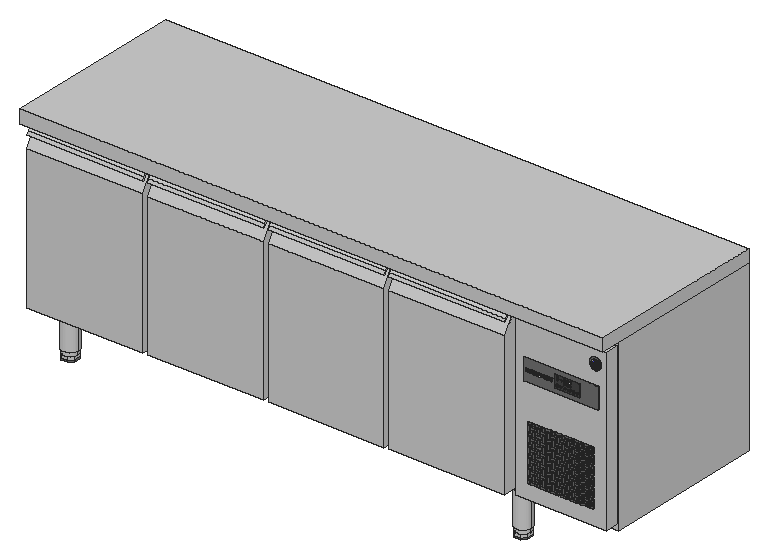
Revit family "QF_HOSHIZAKI_899040840", category Specialty Equipment, Revit 2016 (continued)
Definition of nested family "QF_HOSHIZAKI_ADVANCE_REF-COUNTER-DOORS-DRAWERS"
  Definition of nested family "Left_Door"
    Automatic sketch dimensions
      plane 5 "Front" to Extrusion 3 sketch curve = 6 mm
      curve 1 to plane 5 "Front" = 0 mm
      curve 2 to plane 5 "Front" = 0 mm
      Extrusion 2 sketch curve to Extrusion 2 sketch curve = 0 mm  (x2)
      plane 5 "Front" to Extrusion 2 sketch curve = 6 mm  (x2)
      Extrusion 2 sketch curve to Extrusion 2 sketch curve = 1.798 mm
      plane 5 "Front" to Extrusion 2 sketch curve = 11.222 mm
      Extrusion 2 sketch curve to Extrusion 2 sketch curve = 11.684 mm
      Extrusion 2 sketch curve to Extrusion 2 sketch curve = 18.812 mm
      Extrusion 2 sketch curve to plane 7 "Front door" = 11 mm
      Extrusion 2 sketch curve to plane 10 = 66.98 mm
      Extrusion 2 sketch curve to plane 10 = 20.008 mm
      Extrusion 2 sketch curve to Extrusion 2 sketch curve = 0.877 mm  (x2)
  Definition of nested family "3_Drawers_1-3"
    Parameters (values of type "3 Drawers 1-3")
      Worktop thickness [instance] = 50 mm
      URL = "www.specifiglobal.com"
      Section size [instance] = 446 mm
      Model = ""
      Manufacturer = "DEMO CONSULTANT"
      Legs height [instance] = 150 mm
      Height Actual [instance] = 850 mm
      Description = ""
      Depth Actual [instance] = 700 mm
      Assembly Code = "E1090320"
      3 Drawers = yes
    Reference planes
      plane 1 "Back": y = 0
      plane 2: z = 0
      plane 3 "Left": x = 0
      plane 4 "Right": x = 446
      plane 5 "Front": y = -700
      plane 6 "Top": z = 850
      plane 7 "Front door": y = -633
      plane 8 "Bottom shelf": z = 150
      plane 9 "Worktop bottom": z = 800
      plane 10: z = 784
      plane 11: z = 170
      plane 12: z = 584
      plane 13: z = 577
      plane 14: z = 370
      plane 15: z = 377
      plane 16: z = 580.5
      plane 17: z = 373.5
      plane 18: z = 166.5
      plane 19: z = 787.5
    Forms (mm)
      Extrusion 1, solid, visible <- "3 Drawers"
        sketch origin (860, -633, 4000) x (-1, 0, 0) y (0, 0, 1)
          loop
            line (852, -3224) -> (422, -3224) -> (422, -3408) -> (852, -3408) -> (852, -3224)
          loop
            line (823, -3253) -> (451, -3253) -> (451, -3379) -> (823, -3379) -> (823, -3253)
        from 0 to -11
      Extrusion 2, solid, visible <- "3 Drawers"
        sketch origin (0, 0, 0) x (0, 1, 0) y (0, 0, 1)
          loop
            line (-644, 784) -> (-675.296, 784)
            arc (-675.296, 784) -> (-683.245, 781.721) -> (-688.778, 775.576) r 15
            line (-688.778, 775.576) -> (-694, 764.869) -> (-692.202, 763.992) -> (-686.981, 774.699)
            arc (-686.981, 774.699) -> (-682.185, 780.025) -> (-675.296, 782) r 13
            line (-675.296, 782) -> (-656.484, 782) -> (-694, 717.02) -> (-694, 584) -> (-644, 584) -> (-644, 784)
        from 0 to 446
      Extrusion 3, solid, visible <- "3 Drawers"
        sketch origin (0, 0, -237.3) x (0, 1, 0) y (0, 0, 1)
          loop
            line (-644, 814.3) -> (-675.296, 814.3)
            arc (-675.296, 814.3) -> (-683.245, 812.021) -> (-688.778, 805.876) r 15
            line (-688.778, 805.876) -> (-694, 795.169) -> (-692.202, 794.292) -> (-686.981, 804.999)
            arc (-686.981, 804.999) -> (-682.185, 810.325) -> (-675.296, 812.3) r 13
            line (-675.296, 812.3) -> (-656.484, 812.3) -> (-694, 747.32) -> (-694, 614.3) -> (-644, 614.3) -> (-644, 814.3)
        from 0 to 446
      Extrusion 4, solid, visible <- "3 Drawers"
        sketch origin (0, 0, -463.333) x (0, 1, 0) y (0, 0, 1)
          loop
            line (-644, 833.333) -> (-675.296, 833.333)
            arc (-675.296, 833.333) -> (-683.245, 831.054) -> (-688.778, 824.909) r 15
            line (-688.778, 824.909) -> (-694, 814.202) -> (-692.202, 813.326) -> (-686.981, 824.032)
            arc (-686.981, 824.032) -> (-682.185, 829.358) -> (-675.296, 831.333) r 13
            line (-675.296, 831.333) -> (-656.484, 831.333) -> (-694, 766.353) -> (-694, 633.333) -> (-644, 633.333) -> (-644, 833.333)
        from 0 to 446
      Extrusion 5, solid, visible <- "3 Drawers"
        sketch origin (860, -633, 3773.7) x (-1, 0, 0) y (0, 0, 1)
          loop
            line (852, -3204.7) -> (422, -3204.7) -> (422, -3388.7) -> (852, -3388.7) -> (852, -3204.7)
          loop
            line (823, -3233.7) -> (451, -3233.7) -> (451, -3359.7) -> (823, -3359.7) -> (823, -3233.7)
        from 0 to -11
      Extrusion 6, solid, visible <- "3 Drawers"
        sketch origin (860, -633, 3547) x (-1, 0, 0) y (0, 0, 1)
          loop
            line (852, -3185) -> (422, -3185) -> (422, -3369) -> (852, -3369) -> (852, -3185)
          loop
            line (823, -3214) -> (451, -3214) -> (451, -3340) -> (823, -3340) -> (823, -3214)
        from 0 to -11
      Extrusion 7, solid, visible <- "3 Drawers", detail levels coarse
        sketch origin (0, -608.657, 584) x (0, 1, 0) y (-1, 0, 0)
          loop
            line (-85.343, 0) -> (-551.343, 0) -> (-551.343, -446) -> (-85.343, -446) -> (-85.343, 0)
        from 0 to 200
      Extrusion 8, solid, visible <- "3 Drawers", detail levels coarse
        sketch origin (0, -503.657, 377) x (0, 1, 0) y (-1, 0, 0)
          loop
            line (-190.343, 0) -> (-656.343, 0) -> (-656.343, -446) -> (-190.343, -446) -> (-190.343, 0)
        from 0 to 200
      Extrusion 9, solid, visible <- "3 Drawers", detail levels coarse
        sketch origin (0, -343.657, 170) x (0, 1, 0) y (-1, 0, 0)
          loop
            line (-350.343, 0) -> (-816.343, 0) -> (-816.343, -446) -> (-350.343, -446) -> (-350.343, 0)
        from 0 to 200
    Lines and regions (mm)
      symbolic lines, visible <- "3 Drawers"
        curve 1: line (0, -808, 850) -> (0, -854, 850)
        curve 2: line (0, -854, 850) -> (446, -854, 850)
        curve 3: line (446, -854, 850) -> (446, -808, 850)
        curve 4: line (446, -808, 850) -> (0, -808, 850)
        curve 5: line (416, -808, 850) -> (416, -700, 850)
        curve 6: line (30, -808, 850) -> (30, -700, 850)
        curve 7: line (0, -961, 850) -> (0, -1007, 850)
        curve 8: line (0, -1007, 850) -> (446, -1007, 850)
        curve 9: line (446, -1007, 850) -> (446, -961, 850)
        curve 10: line (446, -961, 850) -> (0, -961, 850)
        curve 11: line (416, -961, 850) -> (416, -854, 850)
        curve 12: line (30, -961, 850) -> (30, -854, 850)
        curve 13: line (0, -1114, 850) -> (0, -1160, 850)
        curve 14: line (0, -1160, 850) -> (446, -1160, 850)
        curve 15: line (446, -1160, 850) -> (446, -1114, 850)
        curve 16: line (446, -1114, 850) -> (0, -1114, 850)
        curve 17: line (416, -1114, 850) -> (416, -1007, 850)
        curve 18: line (30, -1114, 850) -> (30, -1007, 850)
    Dimensions and locks
      "Section size": plane 3 "Left" to plane 4 "Right"
      "Depth Actual": plane 5 "Front" to plane 1 "Back"
      "Height Actual": plane 6 "Top" to level
      locked: plane 7 "Front door" to plane 5 "Front" at 67
      "Legs height": plane 8 "Bottom shelf" to plane 2
      "Worktop thickness": plane 6 "Top" to plane 9 "Worktop bottom"
      locked: plane 11 to plane 8 "Bottom shelf" at 20
      locked: plane 9 "Worktop bottom" to plane 10 at 16
      locked: plane 12 to plane 13 at 7
      locked: plane 15 to plane 14 at 7
      locked: plane 11 to plane 18 at 3.5
      equal spacing: plane 12, plane 16, plane 13
      equal spacing: plane 15, plane 17, plane 14
      locked: plane 19 to plane 10 at 3.5
      equal spacing: plane 19, plane 16, plane 17, plane 18
      aligned and locked: level to plane 2
      aligned and locked: Extrusion 2 to plane 4 "Right"
      aligned and locked: Extrusion 3 to plane 4 "Right"
      aligned and locked: Extrusion 4 to plane 4 "Right"
      aligned and locked: plane 4 "Right" to Extrusion 7 sketch curve
      aligned and locked: plane 3 "Left" to Extrusion 7 sketch curve
      aligned and locked: Extrusion 7 to plane 10
      aligned and locked: Extrusion 8 to plane 13
      aligned and locked: Extrusion 9 to plane 14
      aligned and locked: plane 10 to Extrusion 2 sketch curve
      aligned and locked: Extrusion 2 sketch curve to plane 12
      aligned and locked: Extrusion 3 sketch curve to plane 15
      aligned and locked: plane 13 to Extrusion 3 sketch curve
    Automatic sketch dimensions
      plane 4 "Right" to Extrusion 1 sketch curve = 8 mm
      plane 4 "Right" to Extrusion 1 sketch curve = 37 mm
      plane 3 "Left" to Extrusion 1 sketch curve = 37 mm
      plane 3 "Left" to Extrusion 1 sketch curve = 8 mm
      plane 12 to Extrusion 1 sketch curve = 8 mm
      plane 12 to Extrusion 1 sketch curve = 37 mm
      Extrusion 1 sketch curve to plane 10 = 37 mm
      Extrusion 1 sketch curve to plane 10 = 8 mm
      plane 4 "Right" to Extrusion 5 sketch curve = 8 mm
      plane 4 "Right" to Extrusion 5 sketch curve = 37 mm
      plane 3 "Left" to Extrusion 5 sketch curve = 37 mm
      plane 3 "Left" to Extrusion 5 sketch curve = 8 mm
      plane 15 to Extrusion 5 sketch curve = 8 mm
      plane 15 to Extrusion 5 sketch curve = 37 mm
      Extrusion 5 sketch curve to plane 13 = 37 mm
      Extrusion 5 sketch curve to plane 13 = 8 mm
      plane 4 "Right" to Extrusion 6 sketch curve = 8 mm
      plane 4 "Right" to Extrusion 6 sketch curve = 37 mm
      plane 3 "Left" to Extrusion 6 sketch curve = 37 mm
      plane 3 "Left" to Extrusion 6 sketch curve = 8 mm
      plane 11 to Extrusion 6 sketch curve = 8 mm
      plane 11 to Extrusion 6 sketch curve = 37 mm
      Extrusion 6 sketch curve to plane 14 = 37 mm
      Extrusion 6 sketch curve to plane 14 = 8 mm
      Extrusion 7 sketch curve to plane 5 "Front" = 460 mm
      plane 5 "Front" to Extrusion 7 sketch curve = 6 mm
      Extrusion 8 sketch curve to plane 3 "Left" = 0 mm
      Extrusion 8 sketch curve to plane 4 "Right" = 0 mm
      Extrusion 8 sketch curve to plane 5 "Front" = 460 mm
      plane 5 "Front" to Extrusion 8 sketch curve = 6 mm
      Extrusion 9 sketch curve to plane 3 "Left" = 0 mm
      Extrusion 9 sketch curve to plane 4 "Right" = 0 mm
      Extrusion 9 sketch curve to plane 5 "Front" = 460 mm
      plane 5 "Front" to Extrusion 9 sketch curve = 6 mm
      curve 13 to plane 3 "Left" = 0 mm
      curve 14 to plane 4 "Right" = 0 mm
      curve 7 to plane 3 "Left" = 0 mm
      curve 8 to plane 4 "Right" = 0 mm
      curve 1 to plane 3 "Left" = 0 mm
      curve 3 to plane 4 "Right" = 0 mm
      curve 6 to plane 5 "Front" = 0 mm
      curve 5 to plane 5 "Front" = 0 mm
      curve 1 to plane 5 "Front" = 108 mm
      curve 2 to curve 3 = 46 mm
      curve 7 to curve 1 = 107 mm
      curve 9 to curve 9 = 46 mm
      curve 16 to curve 7 = 107 mm
      curve 14 to curve 13 = 46 mm
      curve 8 to curve 17 = 30 mm
      curve 9 to curve 11 = 30 mm
      curve 3 to curve 5 = 30 mm
      plane 3 "Left" to curve 6 = 30 mm
      plane 3 "Left" to curve 18 = 30 mm
      plane 3 "Left" to curve 12 = 30 mm
      Extrusion 2 sketch curve to Extrusion 2 sketch curve = 0 mm  (x3)
      plane 5 "Front" to Extrusion 2 sketch curve = 6 mm  (x2)
      Extrusion 2 sketch curve to Extrusion 2 sketch curve = 1.798 mm  (x2)
      Extrusion 2 sketch curve to Extrusion 2 sketch curve = 11.684 mm
      plane 5 "Front" to Extrusion 2 sketch curve = 43.516 mm
      plane 5 "Front" to Extrusion 2 sketch curve = 56 mm
      Extrusion 2 sketch curve to plane 10 = 66.98 mm
      Extrusion 3 sketch curve to Extrusion 3 sketch curve = 0 mm  (x4)
      Extrusion 3 sketch curve to Extrusion 3 sketch curve = 1.798 mm  (x2)
      plane 5 "Front" to Extrusion 3 sketch curve = 11.222 mm
      Extrusion 3 sketch curve to Extrusion 3 sketch curve = 18.812 mm
      Extrusion 3 sketch curve to plane 7 "Front door" = 11 mm
      Extrusion 3 sketch curve to Extrusion 3 sketch curve = 46.972 mm
      Extrusion 4 sketch curve to Extrusion 4 sketch curve = 0 mm  (x2)
      Extrusion 4 sketch curve to plane 11 = 0 mm
      Extrusion 4 sketch curve to plane 14 = 0 mm
      Extrusion 4 sketch curve to plane 7 "Front door" = 61 mm  (x2)
      Extrusion 4 sketch curve to Extrusion 4 sketch curve = 1.798 mm  (x2)
      Extrusion 4 sketch curve to plane 14 = 8.424 mm
      Extrusion 4 sketch curve to Extrusion 4 sketch curve = 5.222 mm
      Extrusion 4 sketch curve to plane 14 = 9.301 mm
      Extrusion 4 sketch curve to plane 7 "Front door" = 42.296 mm
      Extrusion 4 sketch curve to plane 7 "Front door" = 23.484 mm
      Extrusion 4 sketch curve to plane 7 "Front door" = 11 mm
      Extrusion 4 sketch curve to Extrusion 4 sketch curve = 46.972 mm
      plane 5 "Front" to Extrusion 2 sketch curve = 11.222 mm
      plane 5 "Front" to Extrusion 3 sketch curve = 7.798 mm
      plane 5 "Front" to Extrusion 3 sketch curve = 6 mm
      Extrusion 3 sketch curve to Extrusion 3 sketch curve = 11.684 mm
      Extrusion 3 sketch curve to Extrusion 3 sketch curve = 66.98 mm
      Extrusion 3 sketch curve to Extrusion 3 sketch curve = 0.877 mm
      Extrusion 2 sketch curve to plane 10 = 20.008 mm
      Extrusion 2 sketch curve to Extrusion 2 sketch curve = 0.877 mm
  Definition of nested family "2_Drawers_1-2"
    Parameters (values of type "2 Drawers 1-2")
      Worktop thickness [instance] = 50 mm
      URL = "www.specifiglobal.com"
      Section size [instance] = 446 mm
      Model = ""
      Manufacturer = "DEMO CONSULTANT"
      Legs height [instance] = 150 mm
      Height Actual [instance] = 850 mm
      Description = ""
      Depth Actual [instance] = 700 mm
      Assembly Code = "E1090320"
      2 Drawers = yes
    Reference planes
      plane 1 "Back": y = 0
      plane 2: z = 0
      plane 3 "Left": x = 0
      plane 4 "Right": x = 446
      plane 5 "Front": y = -700
      plane 6 "Top": z = 850
      plane 7 "Front door": y = -633
      plane 8 "Bottom shelf": z = 150
      plane 9 "Worktop bottom": z = 800
      plane 10: z = 784
      plane 11: z = 170
      plane 12: z = 481
      plane 13: z = 473
      plane 14: z = 477
      plane 15: z = 792
      plane 16: z = 160
    Forms (mm)
      Extrusion 1, solid, visible <- "2 Drawers"
        sketch origin (860, -633, 4000) x (-1, 0, 0) y (0, 0, 1)
          loop
            line (852, -3224) -> (422, -3224) -> (422, -3511) -> (852, -3511) -> (852, -3224)
          loop
            line (823, -3253) -> (451, -3253) -> (451, -3482) -> (823, -3482) -> (823, -3253)
        from 0 to -11
      Extrusion 2, solid, visible <- "2 Drawers"
        sketch origin (0, 0, 0) x (0, 1, 0) y (0, 0, 1)
          loop
            line (-644, 784) -> (-675.296, 784)
            arc (-675.296, 784) -> (-683.245, 781.721) -> (-688.778, 775.576) r 15
            line (-688.778, 775.576) -> (-694, 764.869) -> (-692.202, 763.992) -> (-686.981, 774.699)
            arc (-686.981, 774.699) -> (-682.185, 780.025) -> (-675.296, 782) r 13
            line (-675.296, 782) -> (-656.484, 782) -> (-694, 717.02) -> (-694, 481) -> (-644, 481) -> (-644, 784)
        from 0 to 446
      Extrusion 3, solid, visible <- "2 Drawers"
        sketch origin (0, 0, -463.333) x (0, 1, 0) y (0, 0, 1)
          loop
            line (-644, 936.333) -> (-675.296, 936.333)
            arc (-675.296, 936.333) -> (-683.245, 934.054) -> (-688.778, 927.909) r 15
            line (-688.778, 927.909) -> (-694, 917.202) -> (-692.202, 916.326) -> (-686.981, 927.032)
            arc (-686.981, 927.032) -> (-682.185, 932.358) -> (-675.296, 934.333) r 13
            line (-675.296, 934.333) -> (-656.484, 934.333) -> (-694, 869.353) -> (-694, 633.333) -> (-644, 633.333) -> (-644, 936.333)
        from 0 to 446
      Extrusion 4, solid, visible <- "2 Drawers"
        sketch origin (860, -633, 3547) x (-1, 0, 0) y (0, 0, 1)
          loop
            line (852, -3082) -> (422, -3082) -> (422, -3369) -> (852, -3369) -> (852, -3082)
          loop
            line (823, -3111) -> (451, -3111) -> (451, -3340) -> (823, -3340) -> (823, -3111)
        from 0 to -11
      Extrusion 5, solid, visible <- "2 Drawers", detail levels coarse
        sketch origin (0, -608.657, 481) x (0, 1, 0) y (-1, 0, 0)
          loop
            line (-85.343, 0) -> (-551.343, 0) -> (-551.343, -446) -> (-85.343, -446) -> (-85.343, 0)
        from 0 to 303
      Extrusion 6, solid, visible <- "2 Drawers", detail levels coarse
        sketch origin (0, -343.657, 170) x (0, 1, 0) y (-1, 0, 0)
          loop
            line (-350.343, 0) -> (-816.343, 0) -> (-816.343, -446) -> (-350.343, -446) -> (-350.343, 0)
        from 0 to 303
    Lines and regions (mm)
      symbolic lines, visible <- "2 Drawers"
        curve 1: line (0, -884, 850) -> (0, -930, 850)
        curve 2: line (0, -930, 850) -> (446, -930, 850)
        curve 3: line (446, -930, 850) -> (446, -884, 850)
        curve 4: line (446, -884, 850) -> (0, -884, 850)
        curve 5: line (416, -884, 850) -> (416, -700, 850)
        curve 6: line (30, -884, 850) -> (30, -700, 850)
        curve 7: line (0, -1114, 850) -> (0, -1160, 850)
        curve 8: line (0, -1160, 850) -> (446, -1160, 850)
        curve 9: line (446, -1160, 850) -> (446, -1114, 850)
        curve 10: line (446, -1114, 850) -> (0, -1114, 850)
        curve 11: line (416, -1114, 850) -> (416, -930, 850)
        curve 12: line (30, -1114, 850) -> (30, -930, 850)
    Dimensions and locks
      "Section size": plane 3 "Left" to plane 4 "Right"
      "Depth Actual": plane 5 "Front" to plane 1 "Back"
      "Height Actual": plane 6 "Top" to level
      locked: plane 7 "Front door" to plane 5 "Front" at 67
      "Legs height": plane 8 "Bottom shelf" to plane 2
      "Worktop thickness": plane 6 "Top" to plane 9 "Worktop bottom"
      locked: plane 11 to plane 8 "Bottom shelf" at 20
      locked: plane 9 "Worktop bottom" to plane 10 at 16
      equal spacing: plane 9 "Worktop bottom", plane 15, plane 10
      equal spacing: plane 11, plane 16, plane 8 "Bottom shelf"
      plane 12 to plane 13 = 8 mm
      equal spacing: plane 12, plane 14, plane 13
      equal spacing: plane 10, plane 14, plane 11
      aligned and locked: level to plane 2
      aligned and locked: Extrusion 2 to plane 4 "Right"
      aligned and locked: Extrusion 3 to plane 4 "Right"
      aligned and locked: plane 4 "Right" to Extrusion 5 sketch curve
      aligned and locked: plane 3 "Left" to Extrusion 5 sketch curve
      aligned and locked: Extrusion 5 to plane 10
      aligned and locked: Extrusion 6 to plane 13
      aligned and locked: Extrusion 2 sketch curve to plane 12
      aligned and locked: plane 10 to Extrusion 2 sketch curve
      aligned and locked: Extrusion 3 sketch curve to plane 11
      aligned and locked: plane 13 to Extrusion 3 sketch curve
    Automatic sketch dimensions
      plane 4 "Right" to Extrusion 1 sketch curve = 8 mm
      plane 4 "Right" to Extrusion 1 sketch curve = 37 mm
      plane 3 "Left" to Extrusion 1 sketch curve = 37 mm
      plane 3 "Left" to Extrusion 1 sketch curve = 8 mm
      plane 12 to Extrusion 1 sketch curve = 8 mm
      plane 12 to Extrusion 1 sketch curve = 37 mm
      Extrusion 1 sketch curve to plane 10 = 37 mm
      Extrusion 1 sketch curve to plane 10 = 8 mm
      plane 4 "Right" to Extrusion 4 sketch curve = 8 mm
      plane 4 "Right" to Extrusion 4 sketch curve = 37 mm
      plane 3 "Left" to Extrusion 4 sketch curve = 37 mm
      plane 3 "Left" to Extrusion 4 sketch curve = 8 mm
      plane 11 to Extrusion 4 sketch curve = 8 mm
      plane 11 to Extrusion 4 sketch curve = 37 mm
      Extrusion 4 sketch curve to plane 13 = 37 mm
      Extrusion 4 sketch curve to plane 13 = 8 mm
      Extrusion 5 sketch curve to plane 5 "Front" = 460 mm
      plane 5 "Front" to Extrusion 5 sketch curve = 6 mm
      Extrusion 6 sketch curve to plane 3 "Left" = 0 mm
      Extrusion 6 sketch curve to plane 4 "Right" = 0 mm
      Extrusion 6 sketch curve to plane 5 "Front" = 460 mm
      plane 5 "Front" to Extrusion 6 sketch curve = 6 mm
      curve 8 to plane 3 "Left" = 0 mm
      curve 8 to plane 4 "Right" = 0 mm
      curve 3 to plane 4 "Right" = 0 mm
      curve 1 to plane 3 "Left" = 0 mm
      curve 5 to plane 5 "Front" = 0 mm
      curve 6 to plane 5 "Front" = 0 mm
      curve 4 to plane 5 "Front" = 184 mm
      curve 2 to curve 1 = 46 mm
      curve 7 to curve 1 = 184 mm
      curve 9 to curve 9 = 46 mm
      plane 4 "Right" to curve 5 = 30 mm
      plane 4 "Right" to curve 11 = 30 mm
      plane 3 "Left" to curve 12 = 30 mm
      plane 3 "Left" to curve 6 = 30 mm
      Extrusion 2 sketch curve to Extrusion 2 sketch curve = 0 mm  (x2)
      plane 5 "Front" to Extrusion 2 sketch curve = 6 mm  (x2)
      Extrusion 2 sketch curve to Extrusion 2 sketch curve = 1.798 mm  (x2)
      Extrusion 2 sketch curve to Extrusion 2 sketch curve = 5.222 mm
      plane 5 "Front" to Extrusion 2 sketch curve = 24.704 mm
      plane 5 "Front" to Extrusion 2 sketch curve = 43.516 mm
      plane 5 "Front" to Extrusion 2 sketch curve = 56 mm
      Extrusion 2 sketch curve to Extrusion 2 sketch curve = 46.972 mm
      Extrusion 2 sketch curve to Extrusion 2 sketch curve = 0.877 mm
      Extrusion 2 sketch curve to Extrusion 2 sketch curve = 5.699 mm
      plane 5 "Front" to Extrusion 3 sketch curve = 6 mm  (x2)
      Extrusion 3 sketch curve to Extrusion 3 sketch curve = 1.798 mm  (x2)
      Extrusion 3 sketch curve to Extrusion 3 sketch curve = 5.222 mm
      Extrusion 3 sketch curve to Extrusion 3 sketch curve = 11.684 mm
      plane 5 "Front" to Extrusion 3 sketch curve = 43.516 mm
      plane 5 "Front" to Extrusion 3 sketch curve = 56 mm
      Extrusion 3 sketch curve to Extrusion 3 sketch curve = 46.972 mm
      Extrusion 3 sketch curve to Extrusion 3 sketch curve = 0 mm  (x2)
      Extrusion 3 sketch curve to Extrusion 3 sketch curve = 5.699 mm
      Extrusion 3 sketch curve to Extrusion 3 sketch curve = 0.877 mm
  Definition of nested family "3_Drawers_1-3_2-3"
    Parameters (values of type "2 Drawers 1-3 and 2-3")
      Worktop thickness [instance] = 40 mm
      URL = "www.specifiglobal.com"
      Section size [instance] = 421 mm
      Model = ""
      Manufacturer = "DEMO CONSULTANT"
      Legs height [instance] = 150 mm
      Height Actual [instance] = 900 mm
      Description = ""
      Depth Actual [instance] = 700 mm
      Assembly Code = "E1090320"
      2 Drawers 1-3 and 2-3 = yes
    Reference planes
      plane 1 "Back": y = 0
      plane 2: z = 0
      plane 3 "Left": x = 0
      plane 4 "Right": x = 421
      plane 5 "Front": y = -700
      plane 6 "Top": z = 900
      plane 7 "Front door": y = -633
      plane 8 "Bottom shelf": z = 150
      plane 9 "Worktop bottom": z = 860
      plane 10: z = 841
      plane 11: z = 186
      plane 12: z = 627
      plane 13: z = 620
      plane 14: z = 623.5
      plane 15: z = 850.5
      plane 16: z = 168
    Forms (mm)
      Extrusion 1, solid, visible <- "2 Drawers 1-3 and 2-3"
        sketch origin (860, -633, 4000) x (-1, 0, 0) y (0, 0, 1)
          loop
            line (852, -3167) -> (447, -3167) -> (447, -3365) -> (852, -3365) -> (852, -3167)
          loop
            line (823, -3196) -> (476, -3196) -> (476, -3336) -> (823, -3336) -> (823, -3196)
        from 0 to -11
      Extrusion 2, solid, visible <- "2 Drawers 1-3 and 2-3"
        sketch origin (0, 0, 0) x (0, 1, 0) y (0, 0, 1)
          loop
            line (-644, 841) -> (-675.296, 841)
            arc (-675.296, 841) -> (-683.245, 838.721) -> (-688.778, 832.576) r 15
            line (-688.778, 832.576) -> (-694, 821.869) -> (-692.202, 820.992) -> (-686.981, 831.699)
            arc (-686.981, 831.699) -> (-682.185, 837.025) -> (-675.296, 839) r 13
            line (-675.296, 839) -> (-656.484, 839) -> (-694, 774.02) -> (-694, 627) -> (-644, 627) -> (-644, 841)
        from 0 to 421
      Extrusion 3, solid, visible <- "2 Drawers 1-3 and 2-3"
        sketch origin (0, 0, -463.333) x (0, 1, 0) y (0, 0, 1)
          loop
            line (-644, 1083.333) -> (-675.296, 1083.333)
            arc (-675.296, 1083.333) -> (-683.245, 1081.054) -> (-688.778, 1074.909) r 15
            line (-688.778, 1074.909) -> (-694, 1064.202) -> (-692.202, 1063.326) -> (-686.981, 1074.032)
            arc (-686.981, 1074.032) -> (-682.185, 1079.358) -> (-675.296, 1081.333) r 13
            line (-675.296, 1081.333) -> (-656.484, 1081.333) -> (-694, 1016.353) -> (-694, 649.333) -> (-644, 649.333) -> (-644, 1083.333)
        from 0 to 421
      Extrusion 4, solid, visible <- "2 Drawers 1-3 and 2-3"
        sketch origin (860, -633, 3547) x (-1, 0, 0) y (0, 0, 1)
          loop
            line (852, -2935) -> (447, -2935) -> (447, -3353) -> (852, -3353) -> (852, -2935)
          loop
            line (823, -2964) -> (476, -2964) -> (476, -3324) -> (823, -3324) -> (823, -2964)
        from 0 to -11
      Extrusion 5, solid, visible <- "2 Drawers 1-3 and 2-3", detail levels coarse
        sketch origin (0, -608.657, 627) x (0, 1, 0) y (-1, 0, 0)
          loop
            line (-85.343, 0) -> (-551.343, 0) -> (-551.343, -421) -> (-85.343, -421) -> (-85.343, 0)
        from 0 to 214
      Extrusion 6, solid, visible <- "2 Drawers 1-3 and 2-3", detail levels coarse
        sketch origin (0, -343.657, 186) x (0, 1, 0) y (-1, 0, 0)
          loop
            line (-350.343, 0) -> (-816.343, 0) -> (-816.343, -421) -> (-350.343, -421) -> (-350.343, 0)
        from 0 to 434
    Lines and regions (mm)
      symbolic lines, visible <- "2 Drawers 1-3 and 2-3"
        curve 1: line (0, -804, 900) -> (0, -850, 900)
        curve 2: line (0, -850, 900) -> (421, -850, 900)
        curve 3: line (421, -850, 900) -> (421, -804, 900)
        curve 4: line (421, -804, 900) -> (0, -804, 900)
        curve 5: line (391, -804, 900) -> (391, -700, 900)
        curve 6: line (30, -804, 900) -> (30, -700, 900)
        curve 7: line (0, -1114, 900) -> (0, -1160, 900)
        curve 8: line (0, -1160, 900) -> (421, -1160, 900)
        curve 9: line (421, -1160, 900) -> (421, -1114, 900)
        curve 10: line (421, -1114, 900) -> (0, -1114, 900)
        curve 11: line (391, -1114, 900) -> (391, -850, 900)
        curve 12: line (30, -1114, 900) -> (30, -850, 900)
    Dimensions and locks
      "Section size": plane 3 "Left" to plane 4 "Right"
      "Depth Actual": plane 5 "Front" to plane 1 "Back"
      "Height Actual": plane 6 "Top" to level
      locked: plane 7 "Front door" to plane 5 "Front" at 67
      "Legs height": plane 8 "Bottom shelf" to plane 2
      "Worktop thickness": plane 6 "Top" to plane 9 "Worktop bottom"
      locked: plane 11 to plane 8 "Bottom shelf" at 36
      locked: plane 9 "Worktop bottom" to plane 10 at 19
      locked: plane 12 to plane 13 at 7
      equal spacing: plane 9 "Worktop bottom", plane 15, plane 10
      equal spacing: plane 11, plane 16, plane 8 "Bottom shelf"
      locked: Extrusion 4 sketch curve to plane 13 at 37
      locked: Extrusion 4 sketch curve to plane 13 at 8
      equal spacing: plane 12, plane 14, plane 13
      locked: plane 10 to plane 12 at 214
      aligned and locked: level to plane 2
      aligned and locked: Extrusion 2 to plane 4 "Right"
      aligned and locked: Extrusion 3 to plane 4 "Right"
      aligned and locked: plane 4 "Right" to Extrusion 5 sketch curve
      aligned and locked: plane 3 "Left" to Extrusion 5 sketch curve
      aligned and locked: Extrusion 5 to plane 10
      aligned and locked: Extrusion 6 to plane 13
      aligned and locked: plane 10 to Extrusion 2 sketch curve
      aligned and locked: Extrusion 2 sketch curve to plane 12
      aligned and locked: Extrusion 3 sketch curve to plane 11
      aligned and locked: plane 13 to Extrusion 3 sketch curve
    Automatic sketch dimensions
      plane 4 "Right" to Extrusion 1 sketch curve = 8 mm
      plane 4 "Right" to Extrusion 1 sketch curve = 37 mm
      plane 3 "Left" to Extrusion 1 sketch curve = 37 mm
      plane 3 "Left" to Extrusion 1 sketch curve = 8 mm
      plane 12 to Extrusion 1 sketch curve = 8 mm
      plane 12 to Extrusion 1 sketch curve = 37 mm
      Extrusion 1 sketch curve to plane 10 = 37 mm
      Extrusion 1 sketch curve to plane 10 = 8 mm
      plane 4 "Right" to Extrusion 4 sketch curve = 8 mm
      plane 4 "Right" to Extrusion 4 sketch curve = 37 mm
      plane 3 "Left" to Extrusion 4 sketch curve = 37 mm
      plane 3 "Left" to Extrusion 4 sketch curve = 8 mm
      plane 11 to Extrusion 4 sketch curve = 8 mm
      plane 11 to Extrusion 4 sketch curve = 37 mm
      Extrusion 5 sketch curve to plane 5 "Front" = 460 mm
      plane 5 "Front" to Extrusion 5 sketch curve = 6 mm
      Extrusion 6 sketch curve to plane 3 "Left" = 0 mm
      Extrusion 6 sketch curve to plane 4 "Right" = 0 mm
      Extrusion 6 sketch curve to plane 5 "Front" = 460 mm
      plane 5 "Front" to Extrusion 6 sketch curve = 6 mm
      curve 8 to plane 3 "Left" = 0 mm
      curve 8 to plane 4 "Right" = 0 mm
      curve 3 to plane 4 "Right" = 0 mm
      curve 1 to plane 3 "Left" = 0 mm
      curve 5 to plane 5 "Front" = 0 mm
      curve 6 to plane 5 "Front" = 0 mm
      curve 4 to plane 5 "Front" = 104 mm
      curve 2 to curve 1 = 46 mm
      curve 7 to curve 1 = 264 mm
      curve 9 to curve 9 = 46 mm
      curve 3 to curve 5 = 30 mm
      plane 4 "Right" to curve 11 = 30 mm
      plane 3 "Left" to curve 12 = 30 mm
      plane 3 "Left" to curve 6 = 30 mm
      Extrusion 2 sketch curve to Extrusion 2 sketch curve = 0 mm  (x2)
      Extrusion 2 sketch curve to plane 7 "Front door" = 61 mm  (x2)
      Extrusion 2 sketch curve to Extrusion 2 sketch curve = 1.798 mm  (x2)
      Extrusion 2 sketch curve to Extrusion 2 sketch curve = 5.222 mm
      Extrusion 2 sketch curve to Extrusion 2 sketch curve = 11.684 mm
      Extrusion 2 sketch curve to Extrusion 2 sketch curve = 18.812 mm
      Extrusion 2 sketch curve to Extrusion 2 sketch curve = 50 mm
      Extrusion 2 sketch curve to Extrusion 2 sketch curve = 46.972 mm
      Extrusion 2 sketch curve to Extrusion 2 sketch curve = 0.877 mm
      Extrusion 2 sketch curve to Extrusion 2 sketch curve = 5.699 mm
      Extrusion 3 sketch curve to Extrusion 3 sketch curve = 0 mm  (x2)
      plane 5 "Front" to Extrusion 3 sketch curve = 6 mm  (x2)
      Extrusion 3 sketch curve to Extrusion 3 sketch curve = 1.798 mm  (x2)
      plane 5 "Front" to Extrusion 3 sketch curve = 11.222 mm
      Extrusion 3 sketch curve to Extrusion 3 sketch curve = 11.684 mm
      Extrusion 3 sketch curve to Extrusion 3 sketch curve = 18.812 mm
      Extrusion 3 sketch curve to plane 7 "Front door" = 11 mm
      Extrusion 3 sketch curve to Extrusion 3 sketch curve = 57.679 mm
      Extrusion 3 sketch curve to Extrusion 3 sketch curve = 10.706 mm
      Extrusion 3 sketch curve to Extrusion 3 sketch curve = 5.699 mm
  Definition of nested family "Right_Glass_Door"
    Parameters (values of type "Right glass door")
      Worktop thickness [instance] = 40 mm
      URL = "www.specifiglobal.com"
      Section size [instance] = 421 mm
      Right hand hinged glass door = yes
      Model = ""
      Manufacturer = "DEMO CONSULTANT"
      Legs height [instance] = 150 mm
      Height Actual [instance] = 900 mm
      Description = ""
      Depth Actual [instance] = 700 mm
      Assembly Code = "E1090320"
    Reference planes
      plane 1 "Back": y = 0
      plane 2: z = 0
      plane 3 "Left": x = 0
      plane 4 "Right": x = 421
      plane 5 "Front": y = -700
      plane 6 "Top": z = 900
      plane 7 "Front door": y = -633
      plane 8 "Bottom shelf": z = 150
      plane 9 "Worktop bottom": z = 860
      plane 10: z = 841
      plane 11: z = 186
    Forms (mm)
      Extrusion 1, solid, visible <- "Right hand hinged glass door", detail levels coarse
        sketch origin (0, -608.657, 186) x (0, 1, 0) y (-1, 0, 0)
          loop
            arc (-85.343, 0) -> (-383.035, -123.308) -> (-506.343, -421) r 421
            line (-506.343, -421) -> (-85.343, -421) -> (-85.343, 0)
        from 0 to 655
      Extrusion 2, solid, visible <- "Right hand hinged glass door"
        sketch origin (860, -633, 4000) x (-1, 0, 0) y (0, 0, 1)
          loop
            line (852, -3167) -> (447, -3167) -> (447, -3806) -> (852, -3806) -> (852, -3167)
          loop
            line (823, -3196) -> (476, -3196) -> (476, -3777) -> (823, -3777) -> (823, -3196)
        from 0 to -11
      Extrusion 3, solid, visible <- "Right hand hinged glass door"
        sketch origin (0, -633, 0) x (-1, 0, 0) y (0, 0, 1)
          loop
            line (0, 841) -> (-421, 841) -> (-421, 186) -> (0, 186) -> (0, 841)
          loop
            line (-50, 791) -> (-371, 791) -> (-371, 236) -> (-50, 236) -> (-50, 791)
        from -11 to -61
      Extrusion 4, solid, visible <- "Right hand hinged glass door"
        sketch origin (0, -633, 0) x (-1, 0, 0) y (0, 0, 1)
          loop
            line (-50, 791) -> (-371, 791) -> (-371, 236) -> (-50, 236) -> (-50, 791)
        from -51 to -61
    Lines and regions (mm)
      symbolic lines, visible <- "Right hand hinged glass door"
        curve 1: line (421, -700, 900) -> (421, -1115, 900)
        curve 2: arc (0.043, -700, 900) -> (125.437, -993.806, 900) -> (421, -1115, 900) r 421
    Dimensions and locks
      "Section size": plane 3 "Left" to plane 4 "Right"
      "Depth Actual": plane 5 "Front" to plane 1 "Back"
      "Height Actual": plane 6 "Top" to level
      locked: plane 7 "Front door" to plane 5 "Front" at 67
      "Legs height": plane 8 "Bottom shelf" to plane 2
      "Worktop thickness": plane 6 "Top" to plane 9 "Worktop bottom"
      locked: plane 11 to plane 8 "Bottom shelf" at 36
      locked: plane 9 "Worktop bottom" to plane 10 at 19
      locked: plane 11 to Extrusion 4 sketch curve at 50
      locked: Extrusion 4 sketch curve to plane 3 "Left" at 50
      locked: Extrusion 4 sketch curve to plane 10 at 50
      locked: plane 4 "Right" to Extrusion 4 sketch curve at 50
      aligned and locked: level to plane 2
      aligned and locked: Extrusion 1 to plane 10
      aligned and locked: Extrusion 3 sketch curve to Extrusion 1  (x2)
      aligned and locked: curve 2 to Extrusion 1
    Automatic sketch dimensions
      plane 4 "Right" to Extrusion 2 sketch curve = 8 mm
      plane 4 "Right" to Extrusion 2 sketch curve = 37 mm
      plane 3 "Left" to Extrusion 2 sketch curve = 37 mm
      plane 3 "Left" to Extrusion 2 sketch curve = 8 mm
      plane 11 to Extrusion 2 sketch curve = 8 mm
      plane 11 to Extrusion 2 sketch curve = 37 mm
      Extrusion 2 sketch curve to plane 10 = 37 mm
      Extrusion 2 sketch curve to plane 10 = 8 mm
      plane 4 "Right" to Extrusion 3 sketch curve = 50 mm
      plane 3 "Left" to Extrusion 3 sketch curve = 50 mm
      plane 11 to Extrusion 3 sketch curve = 50 mm
      Extrusion 3 sketch curve to plane 10 = 50 mm
      Extrusion 1 sketch curve to plane 4 "Right" = 0 mm
      Extrusion 1 sketch curve to plane 3 "Left" = 0 mm
      plane 5 "Front" to Extrusion 1 sketch curve = 6 mm
      plane 4 "Right" to Extrusion 3 sketch curve = 0 mm
      Extrusion 3 sketch curve to plane 3 "Left" = 0 mm
      curve 1 to plane 5 "Front" = 0 mm
      curve 2 to plane 5 "Front" = 0 mm
  Definition of nested family "Left_Glass_Door"
    Parameters (values of type "Left glass door")
      Worktop thickness [instance] = 40 mm
      URL = "www.specifiglobal.com"
      Section size [instance] = 421 mm
      Model = ""
      Manufacturer = "DEMO CONSULTANT"
      Legs height [instance] = 150 mm
      Left hand hinged glass door = yes
      Height Actual [instance] = 900 mm
      Description = ""
      Depth Actual [instance] = 700 mm
      Assembly Code = "E1090320"
    Reference planes
      plane 1 "Back": y = 0
      plane 2: z = 0
      plane 3 "Left": x = 0
      plane 4 "Right": x = 421
      plane 5 "Front": y = -700
      plane 6 "Top": z = 900
      plane 7 "Front door": y = -633
      plane 8 "Bottom shelf": z = 150
      plane 9 "Worktop bottom": z = 860
      plane 10: z = 841
      plane 11: z = 186
    Forms (mm)
      Extrusion 1, solid, visible <- "Left hand hinged glass door"
        sketch origin (860, -633, 4000) x (-1, 0, 0) y (0, 0, 1)
          loop
            line (852, -3167) -> (447, -3167) -> (447, -3806) -> (852, -3806) -> (852, -3167)
          loop
            line (823, -3196) -> (476, -3196) -> (476, -3777) -> (823, -3777) -> (823, -3196)
        from 0 to -11
      Extrusion 2, solid, visible <- "Left hand hinged glass door"
        sketch origin (0, -633, 0) x (-1, 0, 0) y (0, 0, 1)
          loop
            line (0, 841) -> (-421, 841) -> (-421, 186) -> (0, 186) -> (0, 841)
          loop
            line (-50, 791) -> (-371, 791) -> (-371, 236) -> (-50, 236) -> (-50, 791)
        from -11 to -61
      Extrusion 3, solid, visible <- "Left hand hinged glass door"
        sketch origin (0, -633, 0) x (-1, 0, 0) y (0, 0, 1)
          loop
            line (-50, 791) -> (-371, 791) -> (-371, 236) -> (-50, 236) -> (-50, 791)
        from -51 to -61
      Extrusion 4, solid, visible <- "Left hand hinged glass door", detail levels coarse
        sketch origin (0, -608.657, 186) x (0, 1, 0) y (-1, 0, 0)
          loop
            line (-85.343, 0) -> (-506.343, 0)
            arc (-506.343, 0) -> (-383.035, -297.692) -> (-85.343, -421) r 421
            line (-85.343, -421) -> (-85.343, 0)
        from 0 to 655
    Lines and regions (mm)
      symbolic lines, visible <- "Left hand hinged glass door"
        curve 1: line (0, -700, 900) -> (0, -1115, 900)
        curve 2: arc (0, -1115, 900) -> (295.563, -993.806, 900) -> (420.957, -700, 900) r 421
    Dimensions and locks
      "Section size": plane 3 "Left" to plane 4 "Right"
      "Depth Actual": plane 5 "Front" to plane 1 "Back"
      "Height Actual": plane 6 "Top" to level
      locked: plane 7 "Front door" to plane 5 "Front" at 67
      "Legs height": plane 8 "Bottom shelf" to plane 2
      "Worktop thickness": plane 6 "Top" to plane 9 "Worktop bottom"
      locked: plane 11 to plane 8 "Bottom shelf" at 36
      locked: plane 9 "Worktop bottom" to plane 10 at 19
      aligned and locked: level to plane 2
      aligned and locked: Extrusion 4 to plane 10
      aligned and locked: Extrusion 4 to curve 1
      aligned and locked: curve 2 to Extrusion 4
    Automatic sketch dimensions
      plane 4 "Right" to Extrusion 1 sketch curve = 8 mm
      plane 4 "Right" to Extrusion 1 sketch curve = 37 mm
      plane 3 "Left" to Extrusion 1 sketch curve = 37 mm
      plane 3 "Left" to Extrusion 1 sketch curve = 8 mm
      plane 11 to Extrusion 1 sketch curve = 8 mm
      plane 11 to Extrusion 1 sketch curve = 37 mm
      Extrusion 1 sketch curve to plane 10 = 37 mm
      Extrusion 1 sketch curve to plane 10 = 8 mm
      plane 4 "Right" to Extrusion 2 sketch curve = 0 mm
      Extrusion 2 sketch curve to plane 3 "Left" = 0 mm
      Extrusion 2 sketch curve to plane 11 = 0 mm
      Extrusion 2 sketch curve to plane 10 = 0 mm
      plane 4 "Right" to Extrusion 2 sketch curve = 50 mm
      plane 3 "Left" to Extrusion 2 sketch curve = 50 mm
      plane 11 to Extrusion 2 sketch curve = 50 mm
      Extrusion 2 sketch curve to plane 10 = 50 mm
      plane 4 "Right" to Extrusion 3 sketch curve = 50 mm
      plane 3 "Left" to Extrusion 3 sketch curve = 50 mm
      plane 11 to Extrusion 3 sketch curve = 50 mm
      Extrusion 3 sketch curve to plane 10 = 50 mm
      Extrusion 4 sketch curve to plane 3 "Left" = 0 mm
      Extrusion 4 sketch curve to plane 4 "Right" = 0 mm
      plane 5 "Front" to Extrusion 4 sketch curve = 6 mm
      curve 1 to plane 5 "Front" = 0 mm
      curve 2 to plane 5 "Front" = 0 mm
Definition of nested family "QF_HOSHIZAKI_ADVANCE_REF-COUNTER-LEGS"
  Parameters (values of type "760660117-4")
    Weight [instance] = 0.00 kg
    URL Cutsheet [instance] = ""
    URL = "www.hoshizaki-europe.com"
    Status [instance] = ""
    Specification by User [instance] = ""
    Specification by Manufacturer [instance] = ""
    Serial Number [instance] = ""
    Seismic Rating [instance] = ""
    SMACNA No [instance] = ""
    Revision Code [instance] = ""
    NAFEM Spec ID Number [instance] = ""
    Model = "L1"
    Masterspec [instance] = ""
    Manufacturer = "HOSHIZAKI"
    Length Actual [instance] = 2246 mm
    Legs visibility = yes
    Legs inset right [instance] = 430 mm
    Legs inset rear [instance] = 70 mm
    Legs inset left [instance] = 70 mm
    Legs inset front [instance] = 153 mm
    Item Number [instance] = ""
    Installed By [instance] = ""
    Identify Quantity as Lot [instance] = no
    Height Actual [instance] = 200 mm
    Furnished By [instance] = ""
    Foodservice Equipment Identifier [instance] = no
    Description = "SET OF LEGS 135-200MM FOR ADVANCE COUNTER - 4 SECTIONS"
    Depth Actual [instance] = 700 mm
    Cost = 0
    Central Legs [instance] = if(Length Actual > 2300 mm, 2 > 1, 2 < 1)  # no
    CSI MasterFormat [instance] = ""
    Assembly Code = "E1090320"
    Accessory [instance] = yes
  Reference planes
    plane 1 "Back": y = 0
    plane 2: z = 0
    plane 3 "Left": x = 0
    plane 4 "Right": x = 2246
    plane 5 "Front": y = -700
    plane 6 "Top": z = 200
    plane 7 "Left offset": x = 70
    plane 8 "Right offset": x = 1816
    plane 9 "Rear offset": y = -70
    plane 10 "Front offset": y = -547
    plane 11 "Central": x = 943
  Dimensions and locks
    "Length Actual": plane 3 "Left" to plane 4 "Right"
    "Depth Actual": plane 5 "Front" to plane 1 "Back"
    "Legs inset left": plane 3 "Left" to plane 7 "Left offset"
    "Legs inset right": plane 8 "Right offset" to plane 4 "Right"
    "Legs inset rear": plane 9 "Rear offset" to plane 1 "Back"
    "Legs inset front": plane 10 "Front offset" to plane 5 "Front"
    "Height Actual": plane 6 "Top" to plane 2
    equal spacing: plane 7 "Left offset", plane 11 "Central", plane 8 "Right offset"
    aligned and locked: level to plane 2
    aligned and locked: nested 1 to plane 9 "Rear offset"
    aligned and locked: nested 2 to plane 9 "Rear offset"
    aligned and locked: nested 1 to plane 7 "Left offset"
    aligned and locked: nested 2 to plane 8 "Right offset"
    aligned and locked: nested 3 to plane 10 "Front offset"
    aligned and locked: nested 4 to plane 10 "Front offset"
    aligned and locked: nested 3 to plane 7 "Left offset"
    aligned and locked: nested 4 to plane 8 "Right offset"
    aligned and locked: nested 6 to plane 11 "Central"
    aligned and locked: nested 5 to plane 11 "Central"
    aligned and locked: nested 5 to plane 9 "Rear offset"
    aligned and locked: nested 6 to plane 10 "Front offset"
  Nested families
    nested 1: "LEGS" at (70, -70, 0), visible <- "Legs visibility", type "LEG"
      with Legs height 200 mm
    nested 2: "LEGS" at (1816, -70, 0), visible <- "Legs visibility", type "LEG"
      with Legs height 200 mm
    nested 3: "LEGS" at (70, -547, 0), visible <- "Legs visibility", type "LEG"
      with Legs height 200 mm
    nested 4: "LEGS" at (1816, -547, 0), visible <- "Legs visibility", type "LEG"
      with Legs height 200 mm
    nested 5: "LEGS" at (943, -70, 0), visible <- "Central Legs", type "LEG"
      with Legs height 200 mm
    nested 6: "LEGS" at (943, -547, 0), visible <- "Central Legs", type "LEG"
      with Legs height 200 mm
  Definition of nested family "LEGS"
    Parameters (values of type "LEG")
      Legs visibility = yes
      Legs height = 150 mm
    Reference planes
      plane 1 "Center (Front/Back)": y = 0
      plane 2: z = 0
      plane 3 "Center (Left/Right)": x = 0
      plane 4 "Top": z = 150
    Forms (mm)
      Extrusion 1, solid, visible <- "Legs visibility"
        sketch origin (0, 0, 150) x (0, 1, 0) y (-1, 0, 0)
          loop
            line (40, 40) -> (-40, 40) -> (-40, -40) -> (40, -40) -> (40, 40)
        from 0 to -3
      Extrusion 2, solid, visible <- "Legs visibility"
        sketch origin (-199.986, 580, 0) x (1, 0, 0) y (0, 1, 0)
          loop
            circle (199.986, -580) r 28
        from 17.959 to 35
      Extrusion 3, solid, visible <- "Legs visibility"
        sketch origin (-199.986, 580, 0) x (1, 0, 0) y (0, 1, 0)
          loop
            line (171.486, -591.805) -> (188.181, -608.5) -> (211.791, -608.5) -> (228.486, -591.805) -> (228.486, -568.195) -> (211.791, -551.5) -> (188.181, -551.5) -> (171.486, -568.195) -> (171.486, -591.805)
        from 0 to 5
      Sweep 4, solid, visible <- "Legs visibility"
        path origin (0, 0, 0) x (0, 1, 0) y (0, 0, 1)
          loop
            line (0, 147) -> (0, 35)
        profile origin (0, 0, 91) x (1, 0, 0) y (0, 1, 0)
          loop
            circle (0, 0) r 32
      Extrusion 5, solid, visible <- "Legs visibility"
        sketch origin (-199.986, 580, 0) x (1, 0, 0) y (0, 1, 0)
          loop
            line (188.388, -552) -> (171.986, -568.402) -> (171.986, -591.598) -> (188.388, -608) -> (211.584, -608) -> (227.986, -591.598) -> (227.986, -568.402) -> (211.584, -552) -> (188.388, -552)
        from 5 to 17.959
    Dimensions and locks
      "Legs height": plane 4 "Top" to plane 2
      aligned and locked: level to plane 2
    Automatic sketch dimensions
      plane 1 "Center (Front/Back)" to Extrusion 1 sketch curve = 40 mm
      Extrusion 1 sketch curve to plane 1 "Center (Front/Back)" = 40 mm
      plane 3 "Center (Left/Right)" to Extrusion 1 sketch curve = 40 mm
      Extrusion 1 sketch curve to plane 3 "Center (Left/Right)" = 40 mm
      plane 1 "Center (Front/Back)" to Extrusion 2 sketch curve = 0 mm
      Extrusion 2 sketch curve to plane 3 "Center (Left/Right)" = 0 mm
      plane 1 "Center (Front/Back)" to Extrusion 3 sketch curve = 11.805 mm  (x2)
      Extrusion 3 sketch curve to plane 3 "Center (Left/Right)" = 28.5 mm
      Extrusion 3 sketch curve to plane 3 "Center (Left/Right)" = 11.805 mm  (x2)
      plane 3 "Center (Left/Right)" to Extrusion 3 sketch curve = 11.805 mm  (x2)
      Extrusion 3 sketch curve to Extrusion 3 sketch curve = 16.695 mm  (x3)
      Extrusion 3 sketch curve to plane 1 "Center (Front/Back)" = 11.805 mm  (x2)
      Sweep 4 sketch curve to plane 1 "Center (Front/Back)" = 0 mm
      level to Sweep 4 sketch curve = 35 mm
      Sweep 4 sketch curve to plane 4 "Top" = 3 mm
      Sweep 4 sketch curve to plane 3 "Center (Left/Right)" = 0 mm
      profile plane to Sweep 4 sketch curve = 0 mm
      Extrusion 5 sketch curve to plane 3 "Center (Left/Right)" = 11.598 mm  (x2)
      plane 1 "Center (Front/Back)" to Extrusion 5 sketch curve = 11.598 mm  (x2)
      Extrusion 5 sketch curve to Extrusion 5 sketch curve = 16.402 mm  (x3)
      plane 3 "Center (Left/Right)" to Extrusion 5 sketch curve = 11.598 mm  (x2)
      Extrusion 5 sketch curve to plane 1 "Center (Front/Back)" = 11.598 mm  (x2)
      plane 1 "Center (Front/Back)" to Extrusion 5 sketch curve = 28 mm
      radius of Extrusion 2 sketch curve = 28 mm
      radius of Sweep 4 sketch curve = 32 mm
